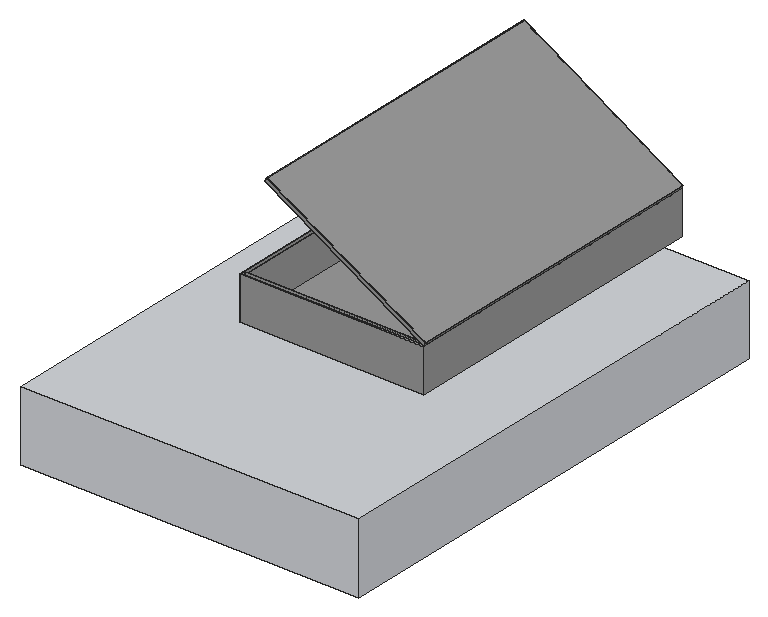
Revit family "Hager-Univers-IP44-D205-H1400-Cl.II-Encl-CH-fr", category Equipement électrique, Revit 2020
Family settings
  Hôte = Face
  Configuration du panneau = Deux colonnes, circuits au sein
  Cote de connecteur circulaire = Utiliser le diamètre
  Type d'élément = Tableau de raccordement
  Couper avec des vides une fois chargée = Non
  Partagée = Non
  Point de calcul de pièce = Non
Parameters (values of type "saillie IP44 L800 H1400 P205  - FP93QS")
  Width Control [instance] = if([EF000008 - largeur] > Min Width, [EF000008 - largeur], Min Width)  # 800 mm
  Commentaires du type = [HG000003 - Gamme]  # "Univers"
  Thickness Door [instance] = if([EF009171 - épaisseur de matériau de la porte/du couvercle] > 3 mm, 3 mm, [EF009171 - épaisseur de matériau de la porte/du couvercle])  # 1 mm
  Seal Frame Offset [instance] = 17 mm  # constant formula
  Plinth Visibility [instance] = [HG000027 - Hauteur du socle] > 0 mm  # no
  Model = ""
  Min Width [instance] = 100 mm  # constant formula
  Min Height [instance] = 100 mm  # constant formula
  Min Depth [instance] = (2 * [EF009170 - épaisseur de matériau du boîtier]) + 1 mm  # 3 mm
  Internal Frame Depth [instance] = (Door System Depth * 0.5)  # 9 mm
  Height Control [instance] = if([EF000040 - hauteur] > Min Height, [EF000040 - hauteur], Min Height)  # 1400 mm
  HG000027 - Hauteur du socle = 0 mm
  HG000026 - Installation au sol = no
  HG000024 - Hauteur de la section basse = 800 mm
  HG000023 - Armoire double section = no
  HG000016 - Visibilité de la porte 3D [instance] = yes
  HG000015 - Visibilité de l'emprise de la porte [instance] = no
  HG000014 - Porte à droite [instance] = yes
  HG000013 - Porte à gauche [instance] = not([HG000014 - Porte à droite])  # no
  HG000012 - Angle de pivotement de la porte [instance] = 30.00°
  HG000010 - Portes asymétriques = no
  HG000009 - Porte à double battant = no
  HG000006 - Encastré = no
  HG000004 - Référence fabricant = "FP93QS"
  HG000003 - Gamme = "Univers"
  HG000002 - avec porte = yes
  Frame Offset Bottom [instance] = 10 mm  # constant formula
  Frame Offset [instance] = 15 mm  # constant formula
  EF015940 - couvercle avec décharge de pression = no
  EF011959 - degré de protection (NEMA) = ""
  EF009554 - nombre d'ouvertures pour plaques à bride = 6
  Fabricant = "Hager"  # constant formula
  EF009212 - finition du couvercle = "EV000116 - fermé"
  EF009171 - épaisseur de matériau de la porte/du couvercle = 1 mm
  EF009170 - épaisseur de matériau du boîtier = 1 mm
  EF008873 - courant nominal (In) = 250 A
  EF007800 - adapté à un parafoudre = no
  EF006306 - avec serrure = no
  EF006244 - couvercle/porte transparent(e) = no
  EF005474 - indice de protection (IP) = "EV006418 - IP44"
  EF004464 - type de porte = "EV002646 - unique"
  EF004427 - nombre de modules = 324
  EF004293 - indice de protection contre les chocs (IK) = "EV006815 - IK09"
  EF003532 - convient pour utilisation à l’extérieur = no
  EF002950 - largeur en nombre de modules = 36
  EF001613 - maintien de fonction = "EV000494 - sans"
  EF001596 - matériau du boîtier/corps = "EV000179 - acier"
  EF001131 - profondeur intérieure = 143 mm
  EF001088 - possibilité de montage en saillie = yes
  EF000437 - nombre d'entrées de conduit = 6
  EF000339 - type de capot = "EV001012 - couvercle"
  EF000266 - nombre de rangées = 9
  EF000218 - profondeur d'encastrement = 0 mm
  EF000118 - avec cadre/support de montage = no
  EF000116 - numéro RAL = "9010"
  EF000049 - profondeur = 205 mm
  EF000040 - hauteur = 1400 mm
  EF000008 - largeur = 800 mm
  EF000007 - couleur = "EV000202 - blanc"
  EF000003 - mode de pose = "EV000384 - saillie"
  Door System Leaf Tolerance [instance] = 1.5 mm  # constant formula
  Door System Depth [instance] = 18 mm  # constant formula
  Door Height [instance] = Height Control - [HG000027 - Hauteur du socle]  # 1400 mm
  Depth Control [instance] = if([EF000049 - profondeur] > Min Depth, [EF000049 - profondeur], Min Depth)  # 205 mm
  Default Elevation = 0 mm
  Connector Offset [instance] = Height Control / 2  # 700 mm
  Bottom Top Plate Trim [instance] = 1.5 mm  # constant formula
  Plinth height Ctrl [instance] = if([HG000027 - Hauteur du socle] > 0 mm, [HG000027 - Hauteur du socle], 12 mm)  # 12 mm
Types (5, lengths in mm): name | Width Control | HG000009 - Porte à double battant | HG000004 - Référence fabricant | EF009554 - nombre d'ouvertures pour plaques à bride | EF004464 - type de porte | EF004427 - nombre de modules | EF002950 - largeur en nombre de modules | EF000437 - nombre d'entrées de conduit | EF000008 - largeur
  saillie IP44 L1050 H1400 P205  - FP94QS | 1050 | yes | "FP94QS" | 8 | "EV003602 - double" | 432 | 48 | 8 | 1050
  saillie IP44 L1300 H1400 P205  - FP95QS | 1300 | yes | "FP95QS" | 10 | "EV003602 - double" | 540 | 60 | 10 | 1300
  saillie IP44 L300 H1400 P205  - FP91QS | 300 | no | "FP91QS" | 2 | "EV002646 - unique" | 108 | 12 | 2 | 300
  saillie IP44 L550 H1400 P205  - FP92QS | 550 | no | "FP92QS" | 4 | "EV002646 - unique" | 216 | 24 | 4 | 550
  saillie IP44 L800 H1400 P205  - FP93QS | 800 | no | "FP93QS" | 6 | "EV002646 - unique" | 324 | 36 | 6 | 800
Reference planes
  plane 1 "Center (Front/Back)": y = 0
  plane 2: z = 0
  plane 3 "Center (Left/Right)": x = 0
  plane 4: z = 205
  plane 5: y = 1
  plane 6: y = 700
  plane 7: y = 0
  plane 8: y = 1400
  plane 9: z = 0
  plane 10: x = -385
  plane 11: x = 385
  plane 12: x = 384
  plane 13: x = -384
  plane 14: y = 1399
  plane 15: x = -383
  plane 16: x = -400
  plane 17: x = 383
  plane 18: x = 400
  plane 19: x = 399
  plane 20: x = -399
  plane 21: y = 11
  plane 22: y = 1400
  plane 23: y = 1384
  plane 24: z = 187
  plane 25: z = 1
  plane 26: z = 186
  plane 27: z = 204
Forms (mm)
  Extrusion 1, solid
    sketch origin (0, 0, 0) x (1, 0, 0) y (0, 1, 0)
      loop
        line (-702.964, 1305) -> (-702.964, -811.445) -> (766.763, -811.445) -> (766.763, 1305) -> (-702.964, 1305)
    from 0 to -304.8
  Extrusion 2, solid, material "Hager_Steel_RAL7035_Light_Grey", visible <- "Plinth Visibility", detail levels medium+fine
    sketch origin (0, 0, 0) x (1, 0, 0) y (0, 1, 0)
      loop
        line (-400, 0) -> (400, 0) -> (400, 12) -> (-400, 12) -> (-400, 0)
    from 0 to 187
  Extrusion 3, solid, material "Hager_Steel_RAL7035_Light_Grey", detail levels medium+fine
    sketch origin (0, 0, 0) x (1, 0, 0) y (0, 1, 0)
      loop
        line (-400, 0) -> (400, 0) -> (400, 1400) -> (-400, 1400) -> (-400, 0)
    from 0 to 187
  Extrusion 4, void
    sketch origin (0, 0, 0) x (1, 0, 0) y (0, 1, 0)
      loop
        line (-399, 1) -> (399, 1) -> (399, 1399) -> (-399, 1399) -> (-399, 1)
    from 1 to 186
  Extrusion 5, void
    sketch origin (-381.607, -4572, 187) x (0, -1, 0) y (-1, 0, 0)
      loop
        line (-4583, 2.393) -> (-5956, 2.393) -> (-5956, -765.607) -> (-4583, -765.607) -> (-4583, 2.393)
    from 0 to 1 <- "EF009170 - épaisseur de matériau du boîtier"
  Extrusion 6, solid, material "Hager_Steel_RAL7035_Light_Grey", detail levels fine
    sketch origin (0, 0, 187) x (1, 0, 0) y (0, 1, 0)
      loop
        line (-384, 1384) -> (-384, 11) -> (384, 11) -> (384, 1384) -> (-384, 1384)
      loop
        line (-385, 10) -> (385, 10) -> (385, 1385) -> (-385, 1385) -> (-385, 10)
    from 0 to 9 <- "Internal Frame Depth"
  Extrusion 7, solid, material "Hager_Steel_RAL7035_Light_Grey", detail levels coarse
    sketch origin (0, 0, 0) x (1, 0, 0) y (0, 1, 0)
      loop
        line (-400, 0) -> (400, 0) -> (400, 1400) -> (-400, 1400) -> (-400, 0)
    from 0 to 205
  Sweep 8, void
    path in 3D
      loop
        line (-400, 12, 0) -> (400, 12, 0) -> (400, 12, 187) -> (-400, 12, 187) -> (-400, 12, 0)
    profile origin (-400, 12, 93.5) x (-1, 0, 0) y (0, -1, 0)
      loop
        line (0, 0) -> (0, 1.5) -> (-1.5, 1.5)
        arc (-1.5, 1.5) -> (-1.061, 0.439) -> (0, 0) r 1.5
Cuts and joins
  Extrusion 4, Extrusion 5 cuts Extrusion 3
  Sweep 8 cuts Extrusion 2
Lines and regions (mm)
  Masking region 1
    outline origin (0, 0, 0) x (1, 0, 0) y (0, 0, 1)
      loop
        line (-400, 205) -> (-400, 0) -> (400, 0) -> (400, 205) -> (-400, 205)
  Masking region 2, detail levels medium+fine
    outline origin (0, 140, 0) x (0, 1, 0) y (0, 0, 1)
      loop
        line (-140, 0) -> (1260, 0) -> (1260, 187) -> (-140, 187) -> (-140, 0)
  Masking region 3, not visible, detail levels medium+fine
    outline origin (0, 297.922, 0) x (0, 1, 0) y (0, 0, 1)
      loop
        line (413.578, 0) -> (453.578, 0) -> (453.578, 194)
        arc (453.578, 194) -> (450.649, 201.071) -> (443.578, 204) r 10
        line (443.578, 204) -> (413.578, 204) -> (413.578, 0)
  Masking region 4, detail levels coarse
    outline origin (0, 0, 180) x (0, 1, 0) y (0, 0, 1)
      loop
        line (0, -180) -> (1400, -180) -> (1400, 25) -> (0, 25) -> (0, -180)
  Masking region 5, visible <- "Plinth Visibility", detail levels medium+fine
    outline origin (0, 52.24, 12.345) x (0, 0, -1) y (0, 1, 0)
      loop
        line (10.845, -40.24) -> (-173.155, -40.24)
        arc (-173.155, -40.24) -> (-173.594, -41.301) -> (-174.655, -41.74) r 1.5
        line (-174.655, -41.74) -> (-174.655, -52.24) -> (12.345, -52.24) -> (12.345, -41.74)
        arc (12.345, -41.74) -> (11.285, -41.301) -> (10.845, -40.24) r 1.5
  Masking region 6, detail levels medium+fine
    outline origin (-381.607, -4572, 187) x (-1, 0, 0) y (0, -1, 0)
      loop
        line (18.393, -5972) -> (18.393, -4572) -> (-781.607, -4572) -> (-781.607, -5972) -> (18.393, -5972)
  Masking region 7, visible <- "Plinth Visibility", detail levels medium+fine
    outline origin (-381.607, -4727, 187) x (-1, 0, 0) y (0, -1, 0)
      loop
        arc (16.893, -4739) -> (17.332, -4737.939) -> (18.393, -4737.5) r 1.5
        line (18.393, -4737.5) -> (18.393, -4727) -> (-781.607, -4727) -> (-781.607, -4737.5)
        arc (-781.607, -4737.5) -> (-780.546, -4737.939) -> (-780.107, -4739) r 1.5
        line (-780.107, -4739) -> (16.893, -4739)
  Masking region 8, detail levels coarse
    outline origin (-442.548, -4669.526, 187) x (-1, 0, 0) y (0, -1, 0)
      loop
        line (-42.548, -6069.526) -> (-42.548, -4669.526) -> (-842.548, -4669.526) -> (-842.548, -6069.526) -> (-42.548, -6069.526)
  sketch lines
    curve 1: line (-400, 12, 187) -> (-400, 12, 0)
    curve 2: line (400, 12, 187) -> (-400, 12, 187)
    curve 3: line (400, 12, 187) -> (400, 12, 0)
    curve 4: line (-400, 12, 0) -> (400, 12, 0)
Dimensions and locks
  "Depth Control": plane 4 to Extrusion 1
  "HG000027 - Hauteur du socle": plane 1 "Center (Front/Back)" to plane 7
  "EF009170 - épaisseur de matériau du boîtier": plane 5 to plane 7
  locked: connector elem to plane 3 "Center (Left/Right)"
  equal spacing: plane 8, plane 6, plane 7
  locked: connector elem to plane 6
  "EF009170 - épaisseur de matériau du boîtier": plane 8 to plane 14
  "EF009170 - épaisseur de matériau du boîtier": plane 10 to plane 13
  "EF009170 - épaisseur de matériau du boîtier": plane 12 to plane 11
  "Frame Offset": plane 20 to plane 13
  "Frame Offset": plane 12 to plane 19
  "EF009170 - épaisseur de matériau du boîtier": plane 16 to plane 20
  "EF009170 - épaisseur de matériau du boîtier": plane 19 to plane 18
  "Seal Frame Offset": plane 16 to plane 15
  "Seal Frame Offset": plane 17 to plane 18
  "Frame Offset Bottom": plane 21 to plane 5
  "Frame Offset": plane 14 to plane 23
  equal spacing: plane 16, plane 3 "Center (Left/Right)", plane 18
  "Width Control": plane 16 to plane 18
  "EF009170 - épaisseur de matériau du boîtier": plane 4 to plane 27
  "EF009170 - épaisseur de matériau du boîtier": plane 24 to plane 26
  "EF009170 - épaisseur de matériau du boîtier": plane 25 to level
  "Door System Depth": plane 4 to plane 24
  "Height Control": plane 1 "Center (Front/Back)" to Extrusion 7 sketch curve
  "Height Control": Masking region 4 sketch curve to plane 1 "Center (Front/Back)"
  "Height Control": plane 1 "Center (Front/Back)" to plane 22
  "Bottom Top Plate Trim": profile plane to Sweep 8 sketch curve
  "Bottom Top Plate Trim": Sweep 8 sketch curve to profile plane
  "Plinth height Ctrl": plane 1 "Center (Front/Back)" to Extrusion 2 sketch curve
  "Plinth height Ctrl": Masking region 5 sketch curve to plane 1 "Center (Front/Back)"
  "Plinth height Ctrl": plane 1 "Center (Front/Back)" to Masking region 7 sketch curve
  "Thickness Door": Extrusion 6 sketch curve to Extrusion 6 sketch curve  (x3)
  "Thickness Door": cut or joined group of Extrusion 3, Extrusion 4, Extrusion 5 to Extrusion 6 sketch curve
  radius of Masking region 3 sketch curve = 10 mm
  "Bottom Top Plate Trim": radius of Masking region 5 sketch curve  (x2)
  "Bottom Top Plate Trim": radius of Sweep 8 sketch curve
  "Bottom Top Plate Trim": radius of Masking region 7 sketch curve  (x2)
  aligned and locked: plane 2 to Extrusion 1
  aligned and locked: level to Extrusion 1
  aligned and locked: level to Masking region 1 sketch curve
  aligned and locked: Masking region 1 sketch curve to plane 18
  aligned and locked: Masking region 1 sketch curve to plane 16
  aligned and locked: plane 7 to Masking region 2 sketch curve
  aligned and locked: level to Masking region 3 sketch curve
  aligned and locked: Masking region 3 sketch curve to plane 27
  aligned and locked: level to Masking region 2 sketch curve
  aligned and locked: plane 1 "Center (Front/Back)" to Extrusion 2 sketch curve
  aligned and locked: Extrusion 3 sketch curve to plane 7
  aligned and locked: plane 16 to Extrusion 3 sketch curve
  aligned and locked: plane 18 to Extrusion 3 sketch curve
  aligned and locked: plane 20 to Extrusion 4 sketch curve
  aligned and locked: plane 19 to Extrusion 4 sketch curve
  aligned and locked: Extrusion 4 sketch curve to plane 5
  aligned and locked: Extrusion 4 to plane 25
  aligned and locked: plane 26 to Extrusion 4
  aligned and locked: plane 24 to Extrusion 3
  aligned and locked: Extrusion 5 sketch curve to plane 21
  aligned and locked: Extrusion 5 sketch curve to plane 13
  aligned and locked: Extrusion 5 sketch curve to plane 12
  aligned and locked: plane 18 to Extrusion 7 sketch curve
  aligned and locked: plane 1 "Center (Front/Back)" to Extrusion 7 sketch curve
  aligned and locked: plane 16 to Extrusion 7 sketch curve
  aligned and locked: plane 4 to Extrusion 7
  aligned and locked: Extrusion 7 to level
  aligned and locked: level to Masking region 4 sketch curve
  aligned and locked: Masking region 4 sketch curve to plane 1 "Center (Front/Back)"
  aligned and locked: Masking region 4 sketch curve to plane 4
  aligned and locked: nested 1 to level
  aligned and locked: nested 1 to plane 16
  aligned and locked: plane 8 to Extrusion 3 sketch curve
  aligned and locked: plane 23 to Extrusion 5 sketch curve
  aligned and locked: plane 14 to Extrusion 4 sketch curve
  aligned and locked: Masking region 2 sketch curve to plane 8
  aligned and locked: level to Masking region 5 sketch curve
  aligned and locked: plane 16 to Extrusion 2 sketch curve
  aligned and locked: plane 18 to Extrusion 2 sketch curve
  aligned and locked: Masking region 5 sketch curve to plane 24
  aligned and locked: Masking region 2 sketch curve to plane 24
  aligned and locked: plane 24 to Extrusion 2
  aligned and locked: profile plane to Sweep 8 sketch curve  (x2)
  aligned and locked: Masking region 6 sketch curve to plane 18
  aligned and locked: Masking region 6 sketch curve to plane 22
  aligned and locked: Masking region 6 sketch curve to plane 16
  aligned and locked: plane 8 to plane 22
  aligned and locked: Masking region 6 sketch curve to plane 7
  aligned and locked: Masking region 7 sketch curve to plane 16
  aligned and locked: Masking region 7 sketch curve to plane 1 "Center (Front/Back)"
  aligned and locked: Masking region 7 sketch curve to plane 18
  aligned and locked: Masking region 8 sketch curve to plane 1 "Center (Front/Back)"
  aligned and locked: Masking region 8 sketch curve to plane 18
  aligned and locked: Masking region 8 sketch curve to plane 22
  aligned and locked: Masking region 8 sketch curve to plane 16
  aligned and locked: nested 2 to plane 7
  aligned and locked: plane 3 "Center (Left/Right)" to nested 2
  aligned and locked: nested 2 to plane 24
  aligned and locked: Extrusion 6 sketch curve to cut or joined group of Extrusion 3, Extrusion 4, Extrusion 5  (x4)
Automatic sketch dimensions
  Extrusion 1 sketch curve to Extrusion 1 sketch curve = 1469.727 mm
  Extrusion 1 sketch curve to Extrusion 1 sketch curve = 2116.445 mm
  Masking region 1 sketch curve to plane 4 = 0 mm
  plane 6 to Masking region 3 sketch curve = 11.5 mm
  Masking region 3 sketch curve to Masking region 3 sketch curve = 30 mm
  Masking region 5 sketch curve to plane 1 "Center (Front/Back)" = 0 mm
Nested families
  nested 1: "Hager_Enclosure_Symbol" at (-400, 0, 0) x (1, 0, 0) z (0, -1, 0), Height <- "Depth Control", Width <- "Width Control", type "Hager_Enclosure_Symbol"
    with Width_Ctrl 800 mm, Width 800 mm, Height_Ctrl 205 mm, Height 205 mm, A_Width_Int 13.453 mm, A_Width 161.438 mm, A_Height_Ctrl 179.375 mm, A_Height 179.375 mm
  nested 2: "EC000058_Univers_Door" at (0, 0, 187) x (1, 0, 0) z (0, 1, 0), Leaf_Tolerance <- "Door System Leaf Tolerance", Angle <- "HG000012 - Angle de pivotement de la porte", Door_Depth <- "Door System Depth", Door_Left <- "HG000013 - Porte à gauche", Transparent <- "EF006244 - couvercle/porte transparent(e)", Assymetrical <- "HG000010 - Portes asymétriques", Width <- "Width Control", Clearance <- "HG000015 - Visibilité de l'emprise de la porte", Double <- "HG000009 - Porte à double battant", 3d_Door <- "HG000016 - Visibilité de la porte 3D", Lock_Visibility <- "EF006306 - avec serrure", Width_Ctrl <- "Width Control", Door_Right <- "HG000014 - Porte à droite", Door <- "HG000002 - avec porte", Height <- "Door Height", Thickness <- "Thickness Door", type "EC000058_Univers_Door", detail levels medium+fine
    with min_wh 3 mm, Width_Ctrl 800 mm, Width 800 mm, Transparent no, Thickness 1 mm, Seal_Material Hager_Rubber, Lock_Visibility no, Lock_Material Hager_Plastic_RAL9005_Jet_Black, Leaf_Width 800 mm, Leaf_Tolerance_External_Sides 0 mm, Leaf_Tolerance 1.5 mm, Leaf_Offset 0 mm, Leaf_Height 1397 mm, Leaf_2_Width 800 mm, Leaf_2_Offset 400 mm, Leaf_1_Width 800 mm, Leaf_1_Offset 400 mm, Height_Ctrl 1400 mm, Height 1400 mm, Glass_Material Hager_Glass, Double_Clearance_Ctrl no, Double no, Door_Right_Ctrl yes, Door_Right yes, Door_Material Hager_Steel_RAL7035_Light_Grey, Door_Left_Ctrl no, Door_Left no, Door_Depth 18 mm, Door yes, Clearance_Material Hager_Clearance, Clearance_Depth 800 mm, Clearance_Ctrl no, Clearance no, Assymetrical no, Angle 30.00°, 3d_Door yes
Connectors
  electrical at (0, 700, 0)
    settings: on plane 9, index 1, voltage 0 V, apparent load 0 VA, apparent load phase1 0 VA, apparent load phase2 0 VA, apparent load phase3 0 VA, power factor 1, load classification "Other", number of poles 1, system type 30, power factor state 1, is connector primary yes, connector utility no, sub classification motor no, connector description ""
Definition of nested family "EC000058_Univers_Door"
  Parameters (values of type "EC000058_Univers_Door")
    min_wh [instance] = (2 * Thickness) + 1 mm  # 11 mm
    Width_Ctrl [instance] = 400 mm
    Width [instance] = 500 mm
    Transparent [instance] = yes
    Thickness [instance] = 5 mm
    Seal_Material [instance] = none
    Lock_Visibility [instance] = yes
    Lock_Material [instance] = none
    Leaf_Width [instance] = if((Width_Ctrl - 2 * Leaf_Tolerance_External_Sides) > 0 mm, (Width_Ctrl - 2 * Leaf_Tolerance_External_Sides), min_wh)  # 400 mm
    Leaf_Tolerance_External_Sides [instance] = 0 mm  # constant formula
    Leaf_Tolerance [instance] = 1.5 mm
    Leaf_Offset [instance] = 0 mm  # constant formula
    Leaf_Height [instance] = if((Height_Ctrl - 2 * Leaf_Tolerance) > 0 mm, (Height_Ctrl - 2 * Leaf_Tolerance), min_wh)  # 497 mm
    Leaf_2_Width [instance] = if(and(and(Double, Assymetrical), Door_Left), (Leaf_Width / 3) - (Leaf_Tolerance / 2), if(and(and(Double, Assymetrical), Door_Right), (Leaf_Width / 3) * 2 - (Leaf_Tolerance / 2), if(and(Double, not(Assymetrical)), (Leaf_Width / 2) - Leaf_Tolerance, Leaf_Width)))  # 400 mm
    Leaf_2_Offset [instance] = if(and(Double, Assymetrical), Leaf_2_Width / 2, if(and(Double, not(Assymetrical)), Leaf_Width / 4, Leaf_Width / 2))  # 200 mm
    Leaf_1_Width [instance] = if(and(and(Double, Assymetrical), Door_Right), (Leaf_Width / 3) - (Leaf_Tolerance / 2), if(and(and(Double, Assymetrical), Door_Left), (Width / 3) * 2 - (Leaf_Tolerance / 2), if(and(Double, not(Assymetrical)), (Leaf_Width / 2) - Leaf_Tolerance, Leaf_Width)))  # 400 mm
    Leaf_1_Offset [instance] = if(and(Double, Assymetrical), Leaf_1_Width / 2, if(and(Double, not(Assymetrical)), Leaf_Width / 4, Leaf_Width / 2))  # 200 mm
    Height_Ctrl [instance] = if(Height > min_wh, Height, min_wh)  # 500 mm
    Height [instance] = 500 mm
    Glass_Material [instance] = none
    Double_Clearance_Ctrl [instance] = and(Double, Clearance)  # no
    Double [instance] = no
    Door_Right_Ctrl [instance] = and(or(Door_Right, Double), Door)  # yes
    Door_Right [instance] = yes
    Door_Material [instance] = none
    Door_Left_Ctrl [instance] = and(or(Door_Left, Double), Door)  # no
    Door_Left [instance] = no
    Door_Depth [instance] = 30 mm
    Door [instance] = yes
    Default Elevation = 1219.2 mm
    Clearance_Material [instance] = none
    Clearance_Depth [instance] = if(Leaf_1_Width > Leaf_2_Width, Leaf_1_Width, Leaf_2_Width)  # 400 mm
    Clearance_Ctrl [instance] = and(not(Double), Clearance)  # yes
    Clearance [instance] = yes
    Assymetrical [instance] = yes
    Angle [instance] = 30.00°
    3d_Door [instance] = yes
  Reference planes
    plane 1 "Center (Front/Back)": y = 0
    plane 2 "Bottom": z = 0
    plane 3 "Center (Left/Right)": x = 0
    plane 4: z = 500
    plane 5: x = -200
    plane 6: x = 200
    plane 7: z = 500
    plane 8: x = -200
    plane 9: z = 0
    plane 10: x = 200
    plane 11: y = 0
    plane 12: z = 1.5
    plane 13: x = -600
    plane 14: y = -400
    plane 15: x = 600
    plane 16: x = 0
    plane 17: x = 0
    plane 18: x = -200
    plane 19: x = 200
    plane 20: z = 498.5
  Forms (mm)
    Extrusion 1, solid, material <- "Clearance_Material", visible <- "Double_Clearance_Ctrl"
      sketch origin (1200, 0, 0) x (1, 0, 0) y (0, 0, -1)
        loop
          line (-1800, -498.5) -> (-600, -498.5) -> (-600, 0) -> (-1800, 0) -> (-1800, -498.5)
      from 0 to -400
  Dimensions and locks
    equal spacing: plane 5, plane 3 "Center (Left/Right)", plane 6
    "Width_Ctrl": plane 5 to plane 6
    "Leaf_Offset": plane 5 to plane 8
    "Leaf_Offset": plane 6 to plane 10
    "Leaf_Offset": plane 9 to level
    "Leaf_Offset": plane 4 to plane 7
    "Height_Ctrl": plane 4 to level
    "Leaf_Tolerance": plane 12 to plane 9
    locked: plane 11 to plane 1 "Center (Front/Back)"
    "Leaf_1_Offset": plane 18 to plane 16
    "Leaf_2_Offset": plane 17 to plane 19
    "Leaf_1_Width": plane 13 to plane 8
    "Leaf_2_Width": plane 10 to plane 15
    "Clearance_Depth": plane 14 to plane 1 "Center (Front/Back)"
    "Leaf_Tolerance_External_Sides": plane 8 to plane 18
    "Leaf_Tolerance_External_Sides": plane 19 to plane 10
    "Leaf_Tolerance": plane 7 to plane 20
    aligned and locked: level to plane 2 "Bottom"
    aligned and locked: nested 1 to plane 16
    aligned and locked: nested 2 to plane 17
    aligned and locked: Extrusion 1 to plane 13
    aligned and locked: plane 15 to Extrusion 1
    aligned and locked: Extrusion 1 to plane 14
    aligned and locked: plane 12 to nested 1
    aligned and locked: nested 2 to plane 12
    aligned and locked: Extrusion 1 to plane 11
    aligned and locked: plane 20 to Extrusion 1
    aligned and locked: nested 2 to plane 11
    aligned and locked: nested 1 to plane 11
  Automatic sketch dimensions
    Extrusion 1 sketch curve to level = 0 mm
    plane 5 to Extrusion 1 sketch curve = 400 mm
    plane 6 to Extrusion 1 sketch curve = 400 mm
    Extrusion 1 sketch curve to plane 4 = 1.5 mm
  Nested families
    nested 1: "EC000058_Univers_Door_Leaf" at (0, 0, 1.5), Width <- "Leaf_1_Width", visible <- "Door_Left_Ctrl", Leaf_Height <- "Leaf_Height", Angle <- "Angle", 3d_Door <- "3d_Door", Transparent <- "Transparent", Clearance Material <- "Clearance_Material", Clearance <- "Clearance_Ctrl", Door_Material <- "Door_Material", Glass_Material <- "Glass_Material", Door_Depth <- "Door_Depth", Lock_Material <- "Lock_Material", Seal_Material <- "Seal_Material", Lock_Visibility <- "Lock_Visibility", Thickness <- "Thickness", type "EC000058_Univers_Door_Leaf"
      with Width 400 mm, Transparent_Glass_Offset 30 mm, Transparent_Ctrl yes, Transparent yes, Thickness 5 mm, Standard no, Seal_Material none, Seal_D2 8 mm, Seal_D1 1 mm, Offset_Internal_Frame 10 mm, Lock_Width 20 mm, Lock_Visibility_3d yes, Lock_Visibility yes, Lock_Thickness_3 3 mm, Lock_Thickness_2 1 mm, Lock_Thickness_1 3 mm, Lock_Radius_Offset_2 16 mm, Lock_Radius_Offset_1 15 mm, Lock_Radius_2 5 mm, Lock_Radius 6 mm, Lock_Offset 5 mm, Lock_Material none, Lock_Height 80 mm, Lock_Cover_Top_Offset_2d 17 mm, Lock_Cover_Height -65 mm, Leaf_Height 497 mm, Internal_Seal_Thickness 8 mm, Internal_Seal_Depth_2 4.5 mm, Internal_Frame_Depth 25 mm, Glass_Thickness -1 mm, Glass_Offset -2 mm, Glass_Material none, Door_Material none, Door_Depth 30 mm, Clearance Material none, Clearance yes, Angle_Ctrl 30.00°, Angle 30.00°, 3d_Door yes
    nested 2: "EC000058_Univers_Door_Leaf" at (0, 0, 1.5) x (-1, 0, 0) z (0, 0, 1), Width <- "Leaf_2_Width", visible <- "Door_Right_Ctrl", Leaf_Height <- "Leaf_Height", Angle <- "Angle", 3d_Door <- "3d_Door", Transparent <- "Transparent", Clearance Material <- "Clearance_Material", Clearance <- "Clearance_Ctrl", Door_Material <- "Door_Material", Glass_Material <- "Glass_Material", Door_Depth <- "Door_Depth", Lock_Material <- "Lock_Material", Seal_Material <- "Seal_Material", Lock_Visibility <- "Lock_Visibility", Thickness <- "Thickness", type "EC000058_Univers_Door_Leaf"
      with Width 400 mm, Transparent_Glass_Offset 30 mm, Transparent_Ctrl yes, Transparent yes, Thickness 5 mm, Standard no, Seal_Material none, Seal_D2 8 mm, Seal_D1 1 mm, Offset_Internal_Frame 10 mm, Lock_Width 20 mm, Lock_Visibility_3d yes, Lock_Visibility yes, Lock_Thickness_3 3 mm, Lock_Thickness_2 1 mm, Lock_Thickness_1 3 mm, Lock_Radius_Offset_2 16 mm, Lock_Radius_Offset_1 15 mm, Lock_Radius_2 5 mm, Lock_Radius 6 mm, Lock_Offset 5 mm, Lock_Material none, Lock_Height 80 mm, Lock_Cover_Top_Offset_2d 17 mm, Lock_Cover_Height -65 mm, Leaf_Height 497 mm, Internal_Seal_Thickness 8 mm, Internal_Seal_Depth_2 4.5 mm, Internal_Frame_Depth 25 mm, Glass_Thickness -1 mm, Glass_Offset -2 mm, Glass_Material none, Door_Material none, Door_Depth 30 mm, Clearance Material none, Clearance yes, Angle_Ctrl 30.00°, Angle 30.00°, 3d_Door yes
  Definition of nested family "EC000058_Univers_Door_Leaf"
    Parameters (values of type "EC000058_Univers_Door_Leaf")
      Width [instance] = 2000 mm
      Transparent_Glass_Offset [instance] = 30 mm
      Transparent_Ctrl [instance] = and(Transparent, [3d_Door])  # yes
      Transparent [instance] = yes
      Thickness [instance] = 5 mm
      Standard [instance] = and(not(Transparent), [3d_Door])  # no
      Seal_Material [instance] = none
      Seal_D2 [instance] = 8 mm  # constant formula
      Seal_D1 [instance] = 1 mm  # constant formula
      Offset_Internal_Frame [instance] = 10 mm  # constant formula
      Lock_Width [instance] = 20 mm  # constant formula
      Lock_Visibility_3d [instance] = and(Lock_Visibility, [3d_Door])  # yes
      Lock_Visibility [instance] = yes
      Lock_Thickness_3 [instance] = 3 mm  # constant formula
      Lock_Thickness_2 [instance] = 1 mm  # constant formula
      Lock_Thickness_1 [instance] = 3 mm  # constant formula
      Lock_Radius_Offset_2 [instance] = Lock_Radius_Offset_1 + 1 mm  # 16 mm
      Lock_Radius_Offset_1 [instance] = 15 mm  # constant formula
      Lock_Radius_2 [instance] = Lock_Radius - 1 mm  # 5 mm
      Lock_Radius [instance] = 6 mm  # constant formula
      Lock_Offset [instance] = 5 mm  # constant formula
      Lock_Material [instance] = none
      Lock_Height [instance] = 80 mm  # constant formula
      Lock_Cover_Top_Offset_2d [instance] = Lock_Radius_Offset_2 + 1 mm  # 17 mm
      Lock_Cover_Height [instance] = -(Lock_Height - Lock_Radius_Offset_1)  # -65 mm
      Leaf_Height [instance] = 2720.336 mm
      Internal_Seal_Thickness [instance] = 8 mm  # constant formula
      Internal_Seal_Depth_2 [instance] = 4.5 mm  # constant formula
      Internal_Frame_Depth [instance] = if(Door_Depth - Thickness > 5 mm, Door_Depth - Thickness, 5 mm)  # 25 mm
      Glass_Thickness [instance] = if(Thickness > 15 mm, Glass_Offset + 10 mm, -1 mm)  # -1 mm
      Glass_Offset [instance] = if(Thickness > 15 mm, -(Thickness + 10 mm) / 2, -2 mm)  # -2 mm
      Glass_Material [instance] = none
      Door_Material [instance] = none
      Door_Depth [instance] = 30 mm
      Default Elevation = 0 mm
      Clearance Material [instance] = none
      Clearance [instance] = yes
      Angle_Ctrl [instance] = if(Angle > 180.00°, 180.00°, Angle)  # 90.00°
      Angle [instance] = 90.00°
      3d_Door [instance] = yes
    Reference planes
      plane 1 "Center (Front/Back)": y = 0
      plane 2: z = 0
      plane 3 "Center (Left/Right)": x = 0
      plane 4: y = 2000
      plane 5: x = -1000
      plane 6: x = 1000
      plane 7: x = -3000
      plane 8: z = 2720.336
      plane 9: z = 30
      plane 10: z = 2690.336
      plane 11: x = 970
      plane 12: x = -970
      plane 13: y = -3
      plane 14: z = 107.833
      plane 15: y = -5
      plane 16: y = -223.314
      plane 17: x = -1000
      plane 18: z = 1360.168
      plane 19: y = 30
    Forms (mm)
      Extrusion 1, solid, material <- "Clearance Material", visible <- "Clearance"
        sketch origin (0, 0, 0) x (1, 0, 0) y (0, 0, 1)
          loop
            line (-3000, 2720.336) -> (-3000, 0) -> (1000, 0) -> (1000, 2720.336) -> (-3000, 2720.336)
        from 0 to -2000
      Extrusion 2, solid, material <- "Door_Material", visible <- "Standard", detail levels medium+fine
        sketch origin (-1000, 0, 0) x (0, 1, 0) y (-1, 0, 0)
          loop
            line (0, 30) -> (0, 25) -> (2000, 25) -> (2000, 30) -> (0, 30)
        from 0 to 2720.336 <- "Leaf_Height"
      Extrusion 3, solid, material <- "Door_Material", visible <- "Transparent_Ctrl", detail levels medium+fine
        sketch origin (-1000, 0, 0) x (0, 1, 0) y (-1, 0, 0)
          loop
            line (0, 25) -> (2000, 25) -> (2000, 30) -> (0, 30) -> (0, 25)
        from 0 to 2720.336 <- "Leaf_Height"
      Extrusion 4, void
        sketch origin (-1025, 2000, 0) x (0, 1, 0) y (0, 0, -1)
          loop
            line (-30, -2690.336) -> (-30, -30) -> (-1970, -30) -> (-1970, -2690.336) -> (-30, -2690.336)
        from 0 to 5 <- "Thickness"
      Sweep 5, solid, material <- "Seal_Material", visible <- "Transparent_Ctrl", detail levels fine
        path in 3D
          loop
            line (-1025, 30, 30) -> (-1025, 30, 2690.336) -> (-1025, 1970, 2690.336) -> (-1025, 1970, 30) -> (-1025, 30, 30)
        profile origin (-1025, 1000, 30) x (1, 0, 0) y (0, 0, 1)
          loop
            line (0, 0) -> (0, -8) -> (1, -8) -> (1, 0) -> (0, 0)
      Extrusion 6, solid, material <- "Glass_Material", visible <- "Transparent_Ctrl", detail levels medium+fine
        sketch origin (-1030, 0, 0) x (0, 1, 0) y (0, 0, -1)
          loop
            line (1970, -2690.336) -> (1970, -30) -> (30, -30) -> (30, -2690.336) -> (1970, -2690.336)
        from -2 <- "Glass_Offset" to -1 <- "Glass_Thickness"
      Extrusion 7, solid, material <- "Door_Material", visible <- "3d_Door", detail levels medium+fine
        sketch origin (-1025, 2000, 0) x (0, -1, 0) y (0, 0, -1)
          loop
            line (0, -2720.336) -> (2000, -2720.336) -> (2000, 0) -> (0, 0) -> (0, -2720.336)
          loop
            line (1995, -5) -> (5, -5) -> (5, -2715.336) -> (1995, -2715.336) -> (1995, -5)
        from 0 to 25 <- "Internal_Frame_Depth"
      Sweep 8, solid, material <- "Seal_Material", visible <- "Transparent_Ctrl", detail levels fine
        path in 3D
          loop
            line (-1025, 0, 0) -> (-1025, 2000, 0) -> (-1025, 2000, 2720.336) -> (-1025, 0, 2720.336) -> (-1025, 0, 0)
        profile origin (-1025, 0, 1360.168) x (1, 0, 0) y (0, 1, 0)
          loop
            line (0, 10) -> (2.975, 10)
            arc (2.975, 10) -> (4.053, 10.447) -> (4.5, 11.525) r 1.525
            line (4.5, 11.525) -> (4.5, 16.527)
            arc (4.5, 16.527) -> (4.069, 17.569) -> (3.027, 18) r 1.473
            line (3.027, 18) -> (0, 18) -> (0, 10)
      Extrusion 9, solid, material <- "Lock_Material", visible <- "Lock_Visibility_3d", detail levels fine
        sketch origin (-1030, 0, 0) x (0, 1, 0) y (0, 0, -1)
          loop
            arc (1993.5, -1400.168) -> (1994.561, -1399.729) -> (1995, -1398.668) r 1.5
            line (1995, -1398.668) -> (1995, -1320.168) -> (1975, -1320.168) -> (1975, -1398.668)
            arc (1975, -1398.668) -> (1975.439, -1399.729) -> (1976.5, -1400.168) r 1.5
            line (1976.5, -1400.168) -> (1993.5, -1400.168)
        from 3 <- "Lock_Thickness_1" to 0
      Blend 10, solid, material <- "Lock_Material", visible <- "Lock_Visibility_3d", detail levels fine
        base sketch origin (-1033, 0, 0) x (0, 1, 0) y (0, 0, -1)
          loop
            line (1975, -1320.168) -> (1975, -1398.668)
            arc (1975, -1398.668) -> (1975.439, -1399.729) -> (1976.5, -1400.168) r 1.5
            line (1976.5, -1400.168) -> (1993.5, -1400.168)
            arc (1993.5, -1400.168) -> (1994.561, -1399.729) -> (1995, -1398.668) r 1.5
            line (1995, -1398.668) -> (1995, -1320.168) -> (1975, -1320.168)
        top sketch origin (-1033, 0, 0) x (0, 1, 0) y (0, 0, -1)
          loop
            line (1976, -1320.168) -> (1976, -1398.668)
            arc (1976, -1398.668) -> (1976.146, -1399.022) -> (1976.5, -1399.168) r 0.5
            line (1976.5, -1399.168) -> (1993.5, -1399.168)
            arc (1993.5, -1399.168) -> (1993.854, -1399.022) -> (1994, -1398.668) r 0.5
            line (1994, -1398.668) -> (1994, -1320.168) -> (1976, -1320.168)
        from 0 to 1 <- "Lock_Thickness_2"
      Blend 11, solid, material <- "Lock_Material", visible <- "Lock_Visibility_3d", detail levels fine
        base sketch origin (-1034, 0, 0) x (0, 1, 0) y (0, 0, -1)
          loop
            line (1978, -1320.168) -> (1978, -1384.168)
            arc (1978, -1384.168) -> (1985, -1391.168) -> (1992, -1384.168) r 7
            line (1992, -1384.168) -> (1992, -1320.168) -> (1978, -1320.168)
        top sketch origin (-1034, 0, 0) x (0, 1, 0) y (0, 0, -1)
          loop
            line (1991, -1320.168) -> (1979, -1320.168) -> (1979, -1383.168)
            arc (1979, -1383.168) -> (1985, -1389.168) -> (1991, -1383.168) r 6
            line (1991, -1383.168) -> (1991, -1320.168)
        from 0 to 3 <- "Lock_Thickness_3"
      Extrusion 12, solid, material <- "Lock_Material", visible <- "Lock_Visibility_3d", detail levels fine
        sketch origin (-1030, 1975, 1320.168) x (1, 0, 0) y (0, -1, 0)
          loop
            line (-7, -19) -> (-7, -1) -> (0, -1) -> (0, 0) -> (-8, 0) -> (-8, -20) -> (0, -20) -> (0, -19) -> (-7, -19)
        from 0 to -65 <- "Lock_Cover_Height"
      Extrusion 13, void
        sketch origin (-1038, 1995, 1320.168) x (-1, 0, 0) y (0, 0, -1)
          loop
            line (-5, -65) -> (0, -65) -> (-5, -60) -> (-5, -65)
        from 0 to 20 <- "Lock_Width"
      Extrusion 14, void
        sketch origin (-1038, 1975, 1320.168) x (0, -1, 0) y (0, 0, -1)
          loop
            circle (-10, -15.995) r 6
          loop
            circle (-10, -15.995) r 5
        from 0 to 2
      Extrusion 15, solid, material <- "Lock_Material", visible <- "Lock_Visibility_3d", detail levels medium
        sketch origin (-1030, 0, 0) x (0, 1, 0) y (0, 0, -1)
          loop
            arc (1993.5, -1400.168) -> (1994.561, -1399.729) -> (1995, -1398.668) r 1.5
            line (1995, -1398.668) -> (1995, -1320.168) -> (1975, -1320.168) -> (1975, -1398.668)
            arc (1975, -1398.668) -> (1975.439, -1399.729) -> (1976.5, -1400.168) r 1.5
            line (1976.5, -1400.168) -> (1993.5, -1400.168)
        from 8 to 0
    Cuts and joins
      Extrusion 4 cuts Extrusion 3
      Extrusion 13, Extrusion 14 cuts Extrusion 9
      Extrusion 14 cuts Blend 11
      Extrusion 13, Extrusion 14 cuts Extrusion 12
      joined: Extrusion 9, Blend 10, Blend 11, Extrusion 12
      Extrusion 14 cuts Extrusion 15
    Lines and regions (mm)
      Masking region 1, visible <- "Lock_Visibility", detail levels fine
        outline origin (0, 0, 0) x (0, 1, 0) y (0, 0, 1)
          loop
            line (30, 1320.168) -> (33, 1320.168) -> (33, 1400.168) -> (30, 1400.168) -> (30, 1320.168)
      Masking region 2, visible <- "Lock_Visibility", detail levels fine
        outline origin (0, 3.143, 0) x (0, 1, 0) y (0, 0, 1)
          loop
            line (29.857, 1354.168) -> (30.857, 1354.168) -> (30.857, 1366.168) -> (29.857, 1366.168) -> (29.857, 1354.168)
      Masking region 3, detail levels medium+fine
        outline origin (0, 0, 0) x (0, 1, 0) y (0, 0, 1)
          loop
            line (0, 0) -> (30, 0) -> (30, 2720.336) -> (0, 2720.336) -> (0, 0)
      Masking region 4, detail levels medium+fine
        outline origin (0, 0, 0) x (1, 0, 0) y (0, 0, 1)
          loop
            line (-1000, 2720.336) -> (-1000, 0) -> (1000, 0) -> (1000, 2720.336) -> (-1000, 2720.336)
      Masking region 5, visible <- "Lock_Visibility", detail levels fine
        outline origin (-47.116, 0, 0) x (1, 0, 0) y (0, 0, 1)
          loop
            arc (1024.616, 1399.168) -> (1023.556, 1398.729) -> (1023.116, 1397.668) r 1.5
            line (1023.116, 1397.668) -> (1023.116, 1320.168) -> (1041.116, 1320.168) -> (1041.116, 1397.668)
            arc (1041.116, 1397.668) -> (1040.677, 1398.729) -> (1039.616, 1399.168) r 1.5
            line (1039.616, 1399.168) -> (1024.616, 1399.168)
      Masking region 6, visible <- "Lock_Visibility", detail levels medium+fine
        outline origin (-25, 0, 0) x (1, 0, 0) y (0, 0, 1)
          loop
            arc (1001.5, 1400.168) -> (1000.439, 1399.729) -> (1000, 1398.668) r 1.5
            line (1000, 1398.668) -> (1000, 1320.168) -> (1020, 1320.168) -> (1020, 1398.668)
            arc (1020, 1398.668) -> (1019.561, 1399.729) -> (1018.5, 1400.168) r 1.5
            line (1018.5, 1400.168) -> (1001.5, 1400.168)
      Masking region 7, visible <- "Lock_Visibility", detail levels fine
        outline origin (-73.735, 0, 0) x (1, 0, 0) y (0, 0, 1)
          loop
            line (1051.735, 1382.168) -> (1065.735, 1382.168) -> (1065.735, 1384.168)
            arc (1065.735, 1384.168) -> (1058.735, 1391.168) -> (1051.735, 1384.168) r 7
            line (1051.735, 1384.168) -> (1051.735, 1382.168)
      Masking region 8, visible <- "Lock_Visibility", detail levels fine
        outline origin (-73.735, 0, 0) x (1, 0, 0) y (0, 0, 1)
          loop
            line (1052.735, 1382.168) -> (1064.735, 1382.168) -> (1064.735, 1383.168)
            arc (1064.735, 1383.168) -> (1058.735, 1389.168) -> (1052.735, 1383.168) r 6
            line (1052.735, 1383.168) -> (1052.735, 1382.168)
      Masking region 9, visible <- "Lock_Visibility", detail levels fine
        outline origin (-25, 0, 0) x (1, 0, 0) y (0, 0, 1)
          loop
            line (1020, 1320.168) -> (1020, 1382.168) -> (1000, 1382.168) -> (1000, 1320.168) -> (1020, 1320.168)
      Masking region 10, detail levels medium+fine
        outline origin (0, 0, 0) x (1, 0, 0) y (0, 0, 1)
          loop
            circle (985, 1335.144) r 6
      Masking region 11, detail levels fine
        outline origin (0, 0, 0) x (1, 0, 0) y (0, 0, 1)
          loop
            circle (985, 1335.144) r 5
      Masking region 12, visible <- "Lock_Visibility", detail levels fine
        outline origin (0, 12.767, 0) x (0, 1, 0) y (0, 0, 1)
          loop
            line (20.233, 1320.168) -> (21.233, 1320.168) -> (21.233, 1399.168) -> (20.233, 1400.168) -> (20.233, 1320.168)
      Masking region 13, visible <- "Lock_Visibility", detail levels fine
        outline origin (0, 13.767, -10) x (0, 1, 0) y (0, 0, 1)
          loop
            line (20.233, 1330.168) -> (23.233, 1330.168) -> (23.233, 1399.168) -> (20.233, 1402.168) -> (20.233, 1330.168)
      Masking region 14, visible <- "Lock_Visibility", detail levels fine
        outline origin (0, 12.767, -10) x (0, 1, 0) y (0, 0, 1)
          loop
            line (20.233, 1330.168) -> (25.233, 1330.168) -> (25.233, 1399.305) -> (20.233, 1394.305) -> (20.233, 1330.168)
      Masking region 15, visible <- "Lock_Visibility", detail levels medium
        outline origin (0, 0, 0) x (0, 1, 0) y (0, 0, 1)
          loop
            line (30, 1320.168) -> (38, 1320.168) -> (38, 1400.168) -> (30, 1400.168) -> (30, 1320.168)
      Masking region 16, visible <- "Lock_Visibility", detail levels fine
        outline origin (-1000, 0, 0) x (0, 1, 0) y (-1, 0, 0)
          loop
            line (1975, 30) -> (1995, 30) -> (1995, 38) -> (1975, 38) -> (1975, 30)
          loop
            line (1979, 37) -> (1976, 37) -> (1976, 34) -> (1978, 34) -> (1979, 37)
          loop
            line (1994, 37) -> (1991, 37) -> (1992, 34) -> (1994, 34) -> (1994, 37)
      Masking region 17, visible <- "Lock_Visibility", detail levels medium
        outline origin (-1000, 0, 0) x (0, 1, 0) y (-1, 0, 0)
          loop
            line (1975, 30) -> (1995, 30) -> (1995, 38) -> (1975, 38) -> (1975, 30)
      symbolic lines
        curve 1: line (1000, 0, 0) -> (-3000, 0, 0)
        curve 2: arc (1000, 0, 0) -> (-1000, 2000, 0) -> (-3000, 0, 0) r 2000
        curve 4: line (-1030, 0, 0) -> (-1030, 2000, 0)
      reference lines
        curve 3: line (-1000, 0, 0) -> (-1000, 2000, 0)
      symbolic lines, detail levels medium+fine
        curve 5: line (-1030, 2000, 0) -> (-1025, 2000, 0)
        curve 7: line (-1025, 0, 0) -> (-1030, 0, 0)
        curve 8: line (-1025, 0, 0) -> (-1000, 0, 0)
        curve 9: line (-1000, 0, 0) -> (-1000, 2000, 0)
        curve 10: line (-1000, 2000, 0) -> (-1025, 2000, 0)
      symbolic lines, detail levels fine
        curve 6: line (-1025, 2000, 0) -> (-1025, 0, 0)
      sketch lines
        curve 11: line (-1025, 0, 2720.336) -> (-1025, 0, 0)
        curve 12: line (-1025, 2000, 0) -> (-1025, 0, 0)
        curve 13: line (-1025, 2000, 2720.336) -> (-1025, 2000, 0)
        curve 14: line (-1025, 0, 2720.336) -> (-1025, 2000, 2720.336)
        curve 15: line (-1025, 1970, 30) -> (-1025, 30, 30)
        curve 16: line (-1025, 30, 30) -> (-1025, 30, 2690.336)
        curve 17: line (-1025, 1970, 2690.336) -> (-1025, 1970, 30)
        curve 18: line (-1025, 30, 2690.336) -> (-1025, 1970, 2690.336)
      symbolic lines, visible <- "Transparent", detail levels medium+fine
        curve 19: line (-970, 0, 2690.336) -> (970, 0, 2690.336)
        curve 20: line (-970, 0, 30) -> (-970, 0, 2690.336)
        curve 21: line (970, 0, 30) -> (-970, 0, 30)
        curve 22: line (970, 0, 2690.336) -> (970, 0, 30)
    Dimensions and locks
      "Width": plane 1 "Center (Front/Back)" to plane 4
      equal spacing: plane 5, plane 3 "Center (Left/Right)", plane 6
      "Width": plane 5 to plane 6
      "Width": plane 7 to plane 5
      "Leaf_Height": plane 8 to level
      "Width": curve 5 to curve 3
      "Width": curve 3 to curve 3
      plane 8 to plane 10 = 30 mm
      plane 9 to level = 30 mm
      plane 12 to plane 5 = 30 mm
      plane 6 to plane 11 = 30 mm
      Extrusion 1 to Extrusion 4 sketch curve = 30 mm
      "Transparent_Glass_Offset": curve 3 to Extrusion 4 sketch curve
      "Transparent_Glass_Offset": Extrusion 4 sketch curve to cut or joined group of Extrusion 3, Extrusion 4  (x2)
      cut or joined group of Extrusion 3, Extrusion 4 to Extrusion 6 sketch curve = 30 mm
      "Transparent_Glass_Offset": cut or joined group of Extrusion 3, Extrusion 4 to Extrusion 4 sketch curve
      "Thickness": curve 6 to curve 4
      "Thickness": Extrusion 7 sketch curve to Extrusion 7 sketch curve  (x4)
      "Door_Depth": curve 4 to curve 3
      "Offset_Internal_Frame": profile plane to Sweep 8 sketch curve
      "Internal_Seal_Thickness": Sweep 8 sketch curve to Sweep 8 sketch curve
      "Internal_Seal_Depth_2": profile plane to Sweep 8 sketch curve
      "Seal_D1": profile plane to Sweep 5 sketch curve
      "Seal_D2": profile plane to Sweep 5 sketch curve
      "Thickness": Extrusion 2 sketch curve to Extrusion 2 sketch curve
      equal spacing: Extrusion 9 sketch curve, plane 18, Extrusion 9 sketch curve  (x2)
      equal spacing: Masking region 1 sketch curve, plane 18, Masking region 1 sketch curve
      "Lock_Height": Masking region 1 sketch curve to Masking region 1 sketch curve
      "Lock_Radius": Masking region 2 sketch curve to plane 18 to Masking region 2 sketch curve
      Masking region 2 sketch curve to Masking region 1 = 1 mm
      "Door_Depth": plane 19 to plane 1 "Center (Front/Back)"
      "Lock_Thickness_1": Masking region 1 sketch curve to plane 19
      "Lock_Width": Extrusion 9 sketch curve to Extrusion 9 sketch curve
      "Lock_Height": Extrusion 9 sketch curve to Extrusion 9 sketch curve
      "Lock_Offset": cut or joined group of Extrusion 3, Extrusion 4 to Extrusion 9 sketch curve
      equal spacing: plane 8, plane 18, level
      "Lock_Radius_Offset_1": Blend 11 sketch curve to Blend 10
      locked: Blend 10 to Blend 11 sketch curve at 2  (x2)
      locked: var sketch to Blend 11 sketch curve at 1  (x2)
      "Lock_Radius_Offset_2": Blend 11 sketch curve to Blend 10
      locked: Extrusion 12 sketch curve to Extrusion 12 sketch curve at 1  (x3)
      Masking region 6 sketch curve to Masking region 6 sketch curve = 80 mm
      "Lock_Height": Masking region 6 sketch curve to Masking region 6 sketch curve
      "Lock_Width": Masking region 6 sketch curve to Masking region 6 sketch curve
      locked: Masking region 6 to Masking region 5 sketch curve at 1  (x3)
      locked: Masking region 5 to Masking region 7 sketch curve at 2  (x2)
      "Lock_Radius_Offset_1": Masking region 5 to Masking region 7 sketch curve
      "Lock_Radius_Offset_2": Masking region 5 to Masking region 8 sketch curve
      locked: Masking region 7 to Masking region 8 sketch curve at 1  (x2)
      "Lock_Cover_Top_Offset_2d": Masking region 5 to Masking region 9 sketch curve
      equal spacing: Masking region 9, Masking region 10 sketch curve, Masking region 9
      equal spacing: Masking region 9, Masking region 11 sketch curve, Masking region 9
      Extrusion 15 sketch curve to Extrusion 15 sketch curve = 80 mm
      "Lock_Width": Extrusion 15 sketch curve to Extrusion 15 sketch curve
      "Lock_Height": Extrusion 15 sketch curve to Extrusion 15 sketch curve
      equal spacing: Extrusion 15 sketch curve, plane 18, Extrusion 15 sketch curve
      "Lock_Thickness_3": Masking region 13 sketch curve to Masking region 13 sketch curve
      "Lock_Height": Masking region 12 sketch curve to Masking region 12 sketch curve
      locked: Masking region 13 sketch curve to Masking region 1 at 8
      locked: Masking region 14 sketch curve to Masking region 13 at 1
      locked: Masking region 14 sketch curve to Masking region 1 at 10.863
      "Lock_Height": Masking region 15 sketch curve to Masking region 15 sketch curve
      "Lock_Offset": Extrusion 15 sketch curve to cut or joined group of Extrusion 3, Extrusion 4
      "Lock_Offset": plane 6 to Masking region 6 sketch curve
      radius of Sweep 8 sketch curve = 1.525 mm
      radius of Sweep 8 sketch curve = 1.473 mm
      radius of Extrusion 9 sketch curve = 1.5 mm  (x2)
      "Lock_Radius": radius of Extrusion 14 sketch curve
      "Lock_Radius_2": radius of Extrusion 14 sketch curve
      "Lock_Radius": radius of Masking region 10 sketch curve
      "Lock_Radius_2": radius of Masking region 11 sketch curve
      radius of Extrusion 15 sketch curve = 1.5 mm  (x2)
      "Angle_Ctrl": angle plane 1 "Center (Front/Back)" to curve 3
      locked: Masking region 12 sketch curve to Masking region 12 sketch curve (angle 45.00°)
      locked: Masking region 13 sketch curve to Masking region 13 sketch curve (angle 45.00°)
      locked: Masking region 14 sketch curve to Masking region 14 sketch curve (angle 45.00°)
      aligned and locked: level to plane 2
      aligned and locked: Extrusion 1 to curve 1
      aligned and locked: plane 6 to Extrusion 1
      aligned and locked: Extrusion 1 to plane 1 "Center (Front/Back)"
      aligned and locked: plane 4 to Extrusion 1
      aligned and locked: plane 8 to Extrusion 1
      aligned and locked: curve 7 to Extrusion 2 sketch curve
      aligned and locked: curve 5 to Extrusion 2 sketch curve
      aligned and locked: curve 7 to Extrusion 3 sketch curve
      aligned and locked: Extrusion 3 sketch curve to curve 4
      aligned and locked: Extrusion 3 sketch curve to curve 6
      aligned and locked: Extrusion 3 sketch curve to curve 5
      aligned and locked: curve 9 to curve 3
      aligned and locked: Extrusion 7 sketch curve to cut or joined group of Extrusion 3, Extrusion 4  (x4)
      aligned and locked: plane 17 to curve 3
      aligned and locked: plane 1 "Center (Front/Back)" to curve 3
      aligned and locked: plane 17 to plane 5
      aligned and locked: Sweep 8 sketch curve to profile plane
      aligned and locked: Sweep 5 sketch curve to profile plane  (x2)
      aligned and locked: Masking region 1 to Masking region 2 sketch curve
      aligned and locked: plane 19 to Masking region 1 sketch curve
      aligned and locked: plane 1 "Center (Front/Back)" to Masking region 3 sketch curve
      aligned and locked: plane 19 to Masking region 3 sketch curve
      aligned and locked: level to Masking region 3 sketch curve
      aligned and locked: Masking region 3 sketch curve to plane 8
      aligned and locked: plane 17 to Masking region 4 sketch curve
      aligned and locked: level to Masking region 4 sketch curve
      aligned and locked: Masking region 4 sketch curve to plane 8
      aligned and locked: plane 12 to curve 20
      aligned and locked: plane 10 to curve 19
      aligned and locked: plane 11 to curve 22
      aligned and locked: curve 21 to plane 9
      aligned and locked: Extrusion 2 sketch curve to cut or joined group of Extrusion 3, Extrusion 4
      aligned and locked: Blend 10 sketch curve to Extrusion 9  (x4)
      aligned and locked: Extrusion 9 to Blend 10 sketch curve
      aligned and locked: Blend 10 to Blend 11 sketch curve
      aligned and locked: Extrusion 12 sketch curve to Blend 11
      aligned and locked: Extrusion 12 sketch curve to Extrusion 9  (x4)
      aligned and locked: Masking region 5 sketch curve to Masking region 6
      aligned and locked: Masking region 9 sketch curve to Masking region 6  (x3)
      aligned and locked: Masking region 12 sketch curve to Masking region 1
      aligned and locked: Masking region 13 sketch curve to Masking region 1
      aligned and locked: Masking region 12 to Masking region 14
      aligned and locked: Masking region 14 sketch curve to Masking region 1
      aligned and locked: Masking region 15 sketch curve to Masking region 14
      aligned and locked: Masking region 13 sketch curve to Masking region 12
      aligned and locked: Masking region 16 sketch curve to cut or joined group of Extrusion 14, Extrusion 15  (x4)
      aligned and locked: Masking region 16 sketch curve to cut or joined group of Extrusion 9, Blend 10, Blend 11, Extrusion 12, Extrusion 13, Extrusion 14  (x6)
      aligned and locked: cut or joined group of Extrusion 9, Blend 10, Blend 11, Extrusion 12, Extrusion 13, Extrusion 14 to Masking region 16 sketch curve
      aligned and locked: Masking region 17 sketch curve to cut or joined group of Extrusion 14, Extrusion 15  (x3)
      aligned and locked: Masking region 17 sketch curve to cut or joined group of Extrusion 9, Blend 10, Blend 11, Extrusion 12, Extrusion 13, Extrusion 14
      aligned and locked: Masking region 9 to Masking region 8 sketch curve
      aligned and locked: Masking region 9 to Masking region 7 sketch curve
    Automatic sketch dimensions
      plane 1 "Center (Front/Back)" to curve 2 = 0 mm
      curve 2 to plane 5 = 0 mm
      Extrusion 1 sketch curve to level = 0 mm
      Extrusion 1 sketch curve to plane 7 = 0 mm
      Extrusion 1 sketch curve to plane 6 = 0 mm
      Extrusion 1 sketch curve to plane 8 = 0 mm
      Extrusion 3 to Extrusion 6 sketch curve = 30 mm  (x4)
      Masking region 4 sketch curve to plane 6 = 0 mm
      Blend 10 sketch curve to Extrusion 9 = 1.5 mm
      Blend 10 sketch curve to Extrusion 9 = 1 mm
      Extrusion 13 sketch curve to Extrusion 12 = 0 mm  (x2)
      Extrusion 12 to Extrusion 13 sketch curve = 3 mm
      Extrusion 13 sketch curve to Extrusion 12 = 5 mm
      Extrusion 14 sketch curve to Extrusion 14 sketch curve = 0 mm  (x2)
      Extrusion 14 sketch curve to Extrusion 12 = 10 mm
      Extrusion 14 sketch curve to Extrusion 12 = 15.995 mm
      Masking region 5 sketch curve to Masking region 5 sketch curve = 1.5 mm  (x2)
      Masking region 10 sketch curve to plane 18 = 25.024 mm
      Masking region 11 sketch curve to plane 18 = 25.024 mm
      plane 19 to Masking region 14 sketch curve = 3 mm
      Masking region 16 sketch curve to Masking region 16 sketch curve = 3 mm
      curve 4 to curve 3 = 0 mm
      Blend 10 to Blend 11 sketch curve = 0 mm
      Masking region 6 sketch curve to Masking region 6 sketch curve = 1.5 mm  (x2)
      Masking region 6 sketch curve to plane 18 = 40 mm
      plane 19 to Masking region 12 sketch curve = 3 mm
      Masking region 12 sketch curve to Masking region 12 sketch curve = 1 mm
      Masking region 15 sketch curve to plane 19 = 0 mm
      Masking region 15 sketch curve to plane 18 = 40 mm
      radius of Blend 10 sketch curve to Extrusion 9 = 1 mm
Definition of nested family "Hager_Enclosure_Symbol"
  Parameters (values of type "Hager_Enclosure_Symbol")
    Width_Ctrl [instance] = if(Width > 1 mm, Width, 1 mm)  # 102.27 mm
    Width [instance] = 102.27 mm
    Height_Ctrl [instance] = if(Height > 1 mm, Height, 1 mm)  # 66.5 mm
    A_Width_Int [instance] = if(A_Width / 12 > 2 mm, A_Width / 12, 2 mm)  # 4.364 mm
    A_Width [instance] = if(A_Height_Ctrl * 0.9 > 2 mm, A_Height_Ctrl * 0.9, 2 mm)  # 52.369 mm
    A_Height_Ctrl [instance] = if(A_Height > 2 mm, A_Height, 2 mm)  # 58.188 mm
    Height [instance] = 66.5 mm
    A_Height [instance] = Height - (Height / 8)  # 58.188 mm
  Reference planes
    plane 1 "Centre (avant/arrière)": y = 0
    plane 2: z = 0
    plane 3 "Centre (gauche/droite)": x = 0
    plane 4: x = 52.369
    plane 5: y = 33.042
    plane 6: y = 41.77
    plane 7: y = 66.5
    plane 8: x = 26.184
    plane 9: y = 37.406
    plane 10: x = 102.27
    plane 11: y = 66.5
    plane 12: y = 8.313
  Lines and regions (mm)
    Filled region 1, type "Solid_Black", in view "Niveau de réf."
      outline origin (0, 0, 0) x (1, 0, 0) y (0, 1, 0)
        loop
          line (52.369, 66.5) -> (33.188, 54.536) -> (45.365, 45.006) -> (52.369, 66.5)
    Filled region 2, type "Solid_Black", in view "Niveau de réf."
      outline origin (0, 0, 0) x (1, 0, 0) y (0, 1, 0)
        loop
          line (0, 0) -> (102.27, 0) -> (102.27, 66.5) -> (0, 0)
    detail lines, in view "Niveau de réf."
      curve 1: line (0, 8.313, 0) -> (26.184, 41.77, 0)
      curve 2: line (26.184, 41.77, 0) -> (26.184, 33.042, 0)
      curve 3: line (26.184, 33.042, 0) -> (52.369, 66.5, 0)
  Dimensions and locks
    "A_Width": plane 3 "Centre (gauche/droite)" to plane 4
    equal spacing: plane 3 "Centre (gauche/droite)", plane 8, plane 4
    equal spacing: plane 6, plane 9, plane 5
    equal spacing: curve 3, Filled region 1 sketch curve, Filled region 1 sketch curve
    "Height_Ctrl": plane 1 "Centre (avant/arrière)" to plane 11
    "A_Height_Ctrl": plane 11 to plane 12
    equal spacing: plane 11, plane 9, plane 12
    "A_Width_Int": plane 6 to plane 9
    "Width_Ctrl": plane 3 "Centre (gauche/droite)" to plane 10
    angle Filled region 1 sketch curve to curve 3 = 20.00°
    angle curve 3 to Filled region 1 sketch curve = 20.00°
    locked: curve 3 to Filled region 1 sketch curve (angle 90.00°)
    aligned and locked: plane 10 to Filled region 2
    aligned and locked: plane 11 to Filled region 2 sketch curve
    aligned and locked: plane 10 to Filled region 2 sketch curve
    aligned and locked: plane 3 "Centre (gauche/droite)" to curve 1
    aligned and locked: plane 12 to curve 1
    aligned and locked: plane 7 to plane 11
  Automatic sketch dimensions
    Filled region 1 sketch curve to plane 4 = 0 mm
    Filled region 1 sketch curve to plane 7 = 0 mm
    plane 1 "Centre (avant/arrière)" to Filled region 2 sketch curve = 0 mm
    Filled region 2 sketch curve to plane 3 "Centre (gauche/droite)" = 0 mm
    curve 2 to plane 6 = 0 mm
    curve 2 to plane 8 = 0 mm
    curve 3 to plane 4 = 0 mm
    curve 2 to plane 5 = 0 mm
    curve 3 to plane 7 = 0 mm
